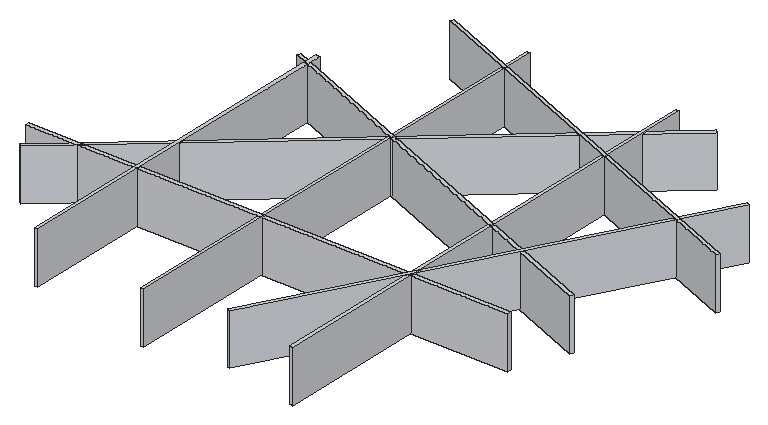
Revit family "J2 PET Felt Scribble Cloud Grid", category Specialty Equipment, Revit 2021
Family settings
  Round Connector Dimension = Use Diameter
  Part Type = Normal
  Work Plane-Based = No
  Always vertical = Yes
  Cut with Voids When Loaded = No
  Shared = No
  Room Calculation Point = No
Parameters (values of type "Scribble Cloud Grid 6'")
  URL = "https://www.j2systems.net/"
  Symbol Name = "CSCLCU"
  Style Number = "CSCLCU"
  Release Date = "2019"
  Product Line = "Ceiling System"
  Model = "Scribble Cloud Grid"
  Manufacturer = "J2 Systems"  # constant formula
  Felt Color [instance] = none
  Default Elevation = 0' - 0"
  Baffle Height (Max. 3'-11") = 0' - 7 3/4"
  6' size = yes
  4' size = no
Types (2): name | 6' size | 4' size
  Scribble Cloud Grid 6' | yes | no
  Scribble Cloud Grid 4' | no | yes
Reference planes (in)
  plane 1 "Center (Front/Back)": y = 0
  plane 2: z = 0
  plane 3 "Center (Left/Right)": x = 0
  plane 4: y = 36
  plane 5: y = -36
  plane 6: x = -36
  plane 7: x = 36
  plane 8 "Top Edge": z = 7.75
  plane 9: y = 24
  plane 10: y = -24
  plane 11: x = -24
  plane 12: x = 24
Dimensions and locks (in)
  equal spacing: plane 4, plane 1 "Center (Front/Back)", plane 5
  equal spacing: plane 6, plane 3 "Center (Left/Right)", plane 7
  "Baffle Height (Max. 3'-11")": plane 8 "Top Edge" to level
  plane 4 to plane 5 = 6' - 0"
  plane 6 to plane 7 = 6' - 0"
  aligned and locked: plane 2 to level
Nested families (in)
  nested 1: "J2 PET Felt Rectangular Baffle Single B" at (0, -9.1875, 0), visible <- "4' size", type "Rectangular Baffle 4'"
    with Baffle Length (Max. 7'-11") 4' - 0", Baffle Height (Max. 3'-11") 0' - 7 3/4"
  nested 2: "J2 PET Felt Rectangular Baffle Single B" at (14.0625, 0, 0) x (0, -1, 0) z (0, 0, 1), visible <- "4' size", type "Rectangular Baffle 4'"
    with Baffle Length (Max. 7'-11") 4' - 0", Baffle Height (Max. 3'-11") 0' - 7 3/4"
  nested 3: "J2 PET Felt Rectangular Baffle Single B" at (-0.75, 0, 0) x (0, -1, 0) z (0, 0, 1), visible <- "4' size", type "Rectangular Baffle 4'"
    with Baffle Length (Max. 7'-11") 4' - 0", Baffle Height (Max. 3'-11") 0' - 7 3/4"
  nested 4: "J2 PET Felt Rectangular Baffle Single B" at (-12.625, -4.08313, 0) x (0, -1, 0) z (0, 0, 1), visible <- "4' size", type "Rectangular Baffle 2'-11""
    with Baffle Length (Max. 7'-11") 2' - 11", Baffle Height (Max. 3'-11") 0' - 7 3/4"
  nested 5: "J2 PET Felt Rectangular Baffle Single B" at (17.14563, -3.26512, 0) x (-0.4818, -0.8763, 0) z (0, 0, 1), visible <- "4' size", type "Rectangular Baffle 3'-8""
    with Baffle Length (Max. 7'-11") 3' - 7 5/8", Baffle Height (Max. 3'-11") 0' - 7 3/4"
  nested 6: "J2 PET Felt Rectangular Baffle Single B" at (5.83729, 4.01051, 0) x (-0.9259, 0.3778, 0) z (0, 0, 1), visible <- "4' size", type "Rectangular Baffle 3'-8""
    with Baffle Length (Max. 7'-11") 3' - 7 5/8", Baffle Height (Max. 3'-11") 0' - 7 3/4"
  nested 7: "J2 PET Felt Rectangular Baffle Single B" at (10.12856, 16.4385, 0) x (-0.9259, 0.3778, 0) z (0, 0, 1), visible <- "4' size", type "Rectangular Baffle 3'-5""
    with Baffle Length (Max. 7'-11") 3' - 5 1/4", Baffle Height (Max. 3'-11") 0' - 7 3/4"
  nested 8: "J2 PET Felt Rectangular Baffle Single B" at (-2.10397, 5.59594, 0) x (0.7559, 0.6547, 0) z (0, 0, 1), visible <- "4' size", type "Rectangular Baffle 4'-6""
    with Baffle Length (Max. 7'-11") 4' - 6", Baffle Height (Max. 3'-11") 0' - 7 3/4"
  nested 9: "J2 PET Felt Rectangular Baffle Single B" at (0, -13.75, 0), visible <- "6' size", type "Rectangular Baffle 6'"
    with Baffle Length (Max. 7'-11") 6' - 0", Baffle Height (Max. 3'-11") 0' - 7 3/4"
  nested 10: "J2 PET Felt Rectangular Baffle Single B" at (21.25, 0, 0) x (0, -1, 0) z (0, 0, 1), visible <- "6' size", type "Rectangular Baffle 6'"
    with Baffle Length (Max. 7'-11") 6' - 0", Baffle Height (Max. 3'-11") 0' - 7 3/4"
  nested 11: "J2 PET Felt Rectangular Baffle Single B" at (-1, 0, 0) x (0, -1, 0) z (0, 0, 1), visible <- "6' size", type "Rectangular Baffle 6'"
    with Baffle Length (Max. 7'-11") 6' - 0", Baffle Height (Max. 3'-11") 0' - 7 3/4"
  nested 12: "J2 PET Felt Rectangular Baffle Single B" at (-19.625, -6.25, 0) x (0, -1, 0) z (0, 0, 1), visible <- "6' size", type "Rectangular Baffle 4'-5""
    with Baffle Length (Max. 7'-11") 4' - 4 1/2", Baffle Height (Max. 3'-11") 0' - 7 3/4"
  nested 13: "J2 PET Felt Rectangular Baffle Single B" at (25.7189, -4.89742, 0) x (-0.4818, -0.8763, 0) z (0, 0, 1), visible <- "6' size", type "Rectangular Baffle 5'-6""
    with Baffle Length (Max. 7'-11") 5' - 5 1/2", Baffle Height (Max. 3'-11") 0' - 7 3/4"
  nested 14: "J2 PET Felt Rectangular Baffle Single B" at (8.74801, 6.47401, 0) x (-0.9259, 0.3778, 0) z (0, 0, 1), visible <- "6' size", type "Rectangular Baffle 5'-6""
    with Baffle Length (Max. 7'-11") 5' - 5 1/2", Baffle Height (Max. 3'-11") 0' - 7 3/4"
  nested 15: "J2 PET Felt Rectangular Baffle Single B" at (16.83115, 24.2366, 0) x (-0.9259, 0.3778, 0) z (0, 0, 1), visible <- "6' size", type "Rectangular Baffle 5'-4""
    with Baffle Length (Max. 7'-11") 5' - 3 3/4", Baffle Height (Max. 3'-11") 0' - 7 3/4"
  nested 16: "J2 PET Felt Rectangular Baffle Single B" at (-2.80079, 8.42969, 0) x (0.7559, 0.6547, 0) z (0, 0, 1), visible <- "6' size", type "Rectangular Baffle 6'-9""
    with Baffle Length (Max. 7'-11") 6' - 9 3/16", Baffle Height (Max. 3'-11") 0' - 7 3/4"
  nested 17: "J2 PET Felt Rectangular Baffle Single B" at (0, -9.1875, 0), visible <- "4' size", type "Rectangular Baffle 4'", not visible
    with Baffle Length (Max. 7'-11") 4' - 0", Baffle Height (Max. 3'-11") 0' - 7 3/4"
  nested 18: "J2 PET Felt Rectangular Baffle Single B" at (14.0625, 0, 0) x (0, -1, 0) z (0, 0, 1), visible <- "4' size", type "Rectangular Baffle 4'", not visible
    with Baffle Length (Max. 7'-11") 4' - 0", Baffle Height (Max. 3'-11") 0' - 7 3/4"
  nested 19: "J2 PET Felt Rectangular Baffle Single B" at (-0.75, 0, 0) x (0, -1, 0) z (0, 0, 1), visible <- "4' size", type "Rectangular Baffle 4'", not visible
    with Baffle Length (Max. 7'-11") 4' - 0", Baffle Height (Max. 3'-11") 0' - 7 3/4"
  nested 20: "J2 PET Felt Rectangular Baffle Single B" at (-12.625, -4.08313, 0) x (0, -1, 0) z (0, 0, 1), visible <- "4' size", type "Rectangular Baffle 2'-11"", not visible
    with Baffle Length (Max. 7'-11") 2' - 11", Baffle Height (Max. 3'-11") 0' - 7 3/4"
  nested 21: "J2 PET Felt Rectangular Baffle Single B" at (17.14563, -3.26512, 0) x (-0.4818, -0.8763, 0) z (0, 0, 1), visible <- "4' size", type "Rectangular Baffle 3'-8"", not visible
    with Baffle Length (Max. 7'-11") 3' - 7 5/8", Baffle Height (Max. 3'-11") 0' - 7 3/4"
  nested 22: "J2 PET Felt Rectangular Baffle Single B" at (5.83729, 4.01051, 0) x (-0.9259, 0.3778, 0) z (0, 0, 1), visible <- "4' size", type "Rectangular Baffle 3'-8"", not visible
    with Baffle Length (Max. 7'-11") 3' - 7 5/8", Baffle Height (Max. 3'-11") 0' - 7 3/4"
  nested 23: "J2 PET Felt Rectangular Baffle Single B" at (10.12856, 16.4385, 0) x (-0.9259, 0.3778, 0) z (0, 0, 1), visible <- "4' size", type "Rectangular Baffle 3'-5"", not visible
    with Baffle Length (Max. 7'-11") 3' - 5 1/4", Baffle Height (Max. 3'-11") 0' - 7 3/4"
  nested 24: "J2 PET Felt Rectangular Baffle Single B" at (-2.10397, 5.59594, 0) x (0.7559, 0.6547, 0) z (0, 0, 1), visible <- "4' size", type "Rectangular Baffle 4'-6"", not visible
    with Baffle Length (Max. 7'-11") 4' - 6", Baffle Height (Max. 3'-11") 0' - 7 3/4"
  nested 25: "J2 PET Felt Rectangular Baffle Single B" at (-180, -13.75, 0), visible <- "6' size", type "Rectangular Baffle 6'", not visible
    with Baffle Length (Max. 7'-11") 6' - 0", Baffle Height (Max. 3'-11") 0' - 7 3/4"
  nested 26: "J2 PET Felt Rectangular Baffle Single B" at (-158.75, 0, 0) x (0, -1, 0) z (0, 0, 1), visible <- "6' size", type "Rectangular Baffle 6'", not visible
    with Baffle Length (Max. 7'-11") 6' - 0", Baffle Height (Max. 3'-11") 0' - 7 3/4"
  nested 27: "J2 PET Felt Rectangular Baffle Single B" at (-181, 0, 0) x (0, -1, 0) z (0, 0, 1), visible <- "6' size", type "Rectangular Baffle 6'", not visible
    with Baffle Length (Max. 7'-11") 6' - 0", Baffle Height (Max. 3'-11") 0' - 7 3/4"
  nested 28: "J2 PET Felt Rectangular Baffle Single B" at (-199.625, -6.25, 0) x (0, -1, 0) z (0, 0, 1), visible <- "6' size", type "Rectangular Baffle 4'-5"", not visible
    with Baffle Length (Max. 7'-11") 4' - 4 1/2", Baffle Height (Max. 3'-11") 0' - 7 3/4"
  nested 29: "J2 PET Felt Rectangular Baffle Single B" at (-154.2811, -4.89742, 0) x (-0.4818, -0.8763, 0) z (0, 0, 1), visible <- "6' size", type "Rectangular Baffle 5'-6"", not visible
    with Baffle Length (Max. 7'-11") 5' - 5 1/2", Baffle Height (Max. 3'-11") 0' - 7 3/4"
  nested 30: "J2 PET Felt Rectangular Baffle Single B" at (-171.25199, 6.47401, 0) x (-0.9259, 0.3778, 0) z (0, 0, 1), visible <- "6' size", type "Rectangular Baffle 5'-6"", not visible
    with Baffle Length (Max. 7'-11") 5' - 5 1/2", Baffle Height (Max. 3'-11") 0' - 7 3/4"
  nested 31: "J2 PET Felt Rectangular Baffle Single B" at (-163.16885, 24.2366, 0) x (-0.9259, 0.3778, 0) z (0, 0, 1), visible <- "6' size", type "Rectangular Baffle 5'-4"", not visible
    with Baffle Length (Max. 7'-11") 5' - 3 3/4", Baffle Height (Max. 3'-11") 0' - 7 3/4"
  nested 32: "J2 PET Felt Rectangular Baffle Single B" at (-182.80079, 8.42969, 0) x (0.7559, 0.6547, 0) z (0, 0, 1), visible <- "6' size", type "Rectangular Baffle 6'-9"", not visible
    with Baffle Length (Max. 7'-11") 6' - 9 3/16", Baffle Height (Max. 3'-11") 0' - 7 3/4"
Definition of nested family "J2 PET Felt Rectangular Baffle Single B"
  Parameters (values of type "Rectangular Baffle 7'-11" x 11"")
    URL = "https://www.j2systems.net/"
    Symbol Name = "CSBFRE"
    Style Number = "CSBFRE"
    Release Date = "2019"
    Product Line = "Ceiling System"
    Model = "Rectangular Baffle Single"
    Manufacturer = "J2 Systems"  # constant formula
    Baffle Length (Max. 7'-11") = 7' - 11"
    Felt Color = none
    Default Elevation = 0' - 0"
    Baffle Height (Max. 3'-11") = 0' - 11"
  Reference planes (in)
    plane 1 "Center (Front/Back)": y = 0
    plane 2: z = 0
    plane 3 "Center (Left/Right)": x = 0
    plane 4: y = 0.25
    plane 5: y = -0.25
    plane 6: x = -47.5
    plane 7: x = 47.5
    plane 8: z = 11
  Forms (in)
    Extrusion 1, solid, material <- "Felt Color"
      sketch origin (2.375, 0, 0) x (1, 0, 0) y (0, 1, 0)
        loop
          line (-49.875, 0.25) -> (-49.875, -0.25) -> (45.125, -0.25) -> (45.125, 0.25) -> (-49.875, 0.25)
      from 11 to 0
  Dimensions and locks (in)
    equal spacing: plane 6, plane 3 "Center (Left/Right)", plane 7
    "Baffle Length (Max. 7'-11")": plane 6 to plane 7
    "Baffle Height (Max. 3'-11")": plane 8 to level
    Extrusion 1 sketch curve to plane 1 "Center (Front/Back)" to Extrusion 1 sketch curve = 0' - 0 1/4" locked, 0' - 0 1/4" locked
    aligned and locked: plane 2 to level
    aligned and locked: Extrusion 1 to plane 6
    aligned and locked: Extrusion 1 to plane 4
    aligned and locked: Extrusion 1 to plane 5
    aligned and locked: Extrusion 1 sketch curve to plane 7
    aligned and locked: plane 6 to Extrusion 1 sketch curve
    aligned and locked: plane 8 to Extrusion 1
    aligned and locked: Extrusion 1 to level
